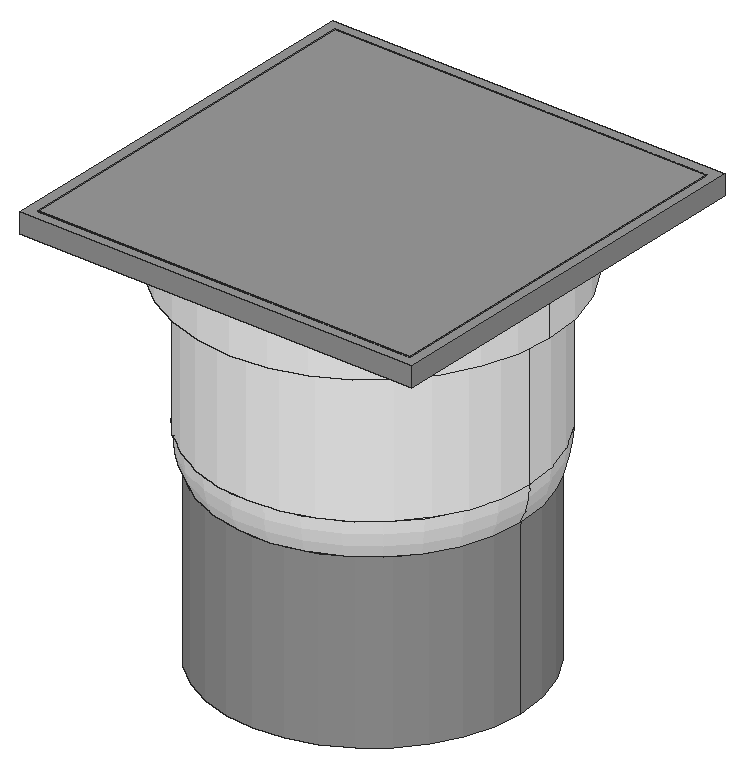
Revit family "HL_Трап для балконов и террас_HL73.0", category Instalační zařizovací předměty, Revit 2016
Family settings
  Typ součásti = Normální
  Kóta kulaté spojky = Použít průměr
  Číslo OmniClass = 23.70.50.21.24.14
  Nadpis OmniClass = Deck Waste Water Drains
  Založené na pracovní rovině = Ne
  Vždy vertikální = Ano
  Ořezat dutým tvarem při načtení = Ne
  Sdílené = Ne
  Bod výpočtu místnosti = Ano
Parameters (values of type "HL_Трап для балконов и террас_HL73.0")
  РЕШЁТКА = "Edelstahl 115 x 115 mm"
  РАЗМЕР = "DN110"
  ПРОПУСКНАЯ СПОСОБНОСТЬ [instance] = 0.0 L/s
  ПРОИЗВОДИТЕЛЬНОСТЬ = "1,1 l/s"
  ПРАВОВАЯ ИНФОРМАЦИЯ = "\"Авторские права(©), права на дизайн или какие либо другие права интелектуальной собственности являются исключительной собственностью компании HL Hutterer & Lechner. Изменению не подлежит. Файл семейства с данными о прозводителе изделия защищен паролем с водяным знаком.\""
  НОМИНАЛЬНЫЙ ДИАМЕТР = 110 mm
  НАСАДКА = "121 x 121 mm"
  МАТЕРИАЛ = "PP / Edelstahl"
  МАКСИМАЛЬНАЯ НАГРУЗКА КЛАССА = "K3 - 300 kg"
  ВЕС = "0,397 kg"
  Výrobce = "HL Hutterer & Lechner GmbH"
  URL = "http://www.hutterer-lechner.com/ru/products/catalog/roof-drains/HL73.0.aspx"
  Материал плитка [instance] = none
  Připojení ventilace = no
  Připojení odpadu = yes
  Připojení HW = no
  Připojení CW = no
  Popis = "Трап для балконов и террас"
  Model = "HL73.0"
  Assembly Code = " "
  Komentáře k typům = "Трап для балконов и террас, универсальный, с вертикальным выпуском DN110 с гибкими \"юбками\" по диаметру, для любых безраструбных труб DN110."
  Keynote = "HL73.0"
  IH [instance] = Высота монтажа 1 + Высота монтажа 2  # 0 mm
  Высота монтажа 2 [instance] = 0 mm
  Высота монтажа 1 [instance] = 0 mm
  G [instance] = 180.00°  # constant formula
  EAN = "9003076034420"
  D [instance] = IH + 28 mm  # 28 mm
  C [instance] = if(IH - 68 mm < 0 mm, 0 mm, IH - 68 mm)  # 0 mm
  B [instance] = 100 mm
  A [instance] = if(B - 100 mm > 15 mm, B - 100 mm, 15 mm)  # 15 mm
Reference planes
  plane 1 "Center (Front/Back)": y = 0
  plane 2: z = 0
  plane 3 "Center (Left/Right)": x = 0
  plane 4: z = -100
  plane 5: z = 0
  plane 6: z = 0
Lines and regions (mm)
  model lines, style "InvisibleLines"
    curve 1: line (0, 0, 0) -> (0, 0, 20)
  model lines, style "PlumbingFixtures", detail levels coarse+medium
    curve 2: line (0, 0, -100) -> (0, 0, -85)
    curve 3: line (0, 0, -85) -> (-85, 0, 0)
    curve 4: line (0, 0, -85) -> (85, 0, 0)
    curve 6: line (0, 0, -100) -> (0, 0, -128)
  reference lines, not visible
    curve 5: line (0, 0, -100) -> (0, 0, -128)
  symbolic lines, style "PlumbingFixtures", detail levels coarse+medium
    curve 7: line (-75, 75, 0) -> (75, 75, 0)
    curve 8: line (-75, -75, 0) -> (-75, 75, 0)
    curve 9: line (75, -75, 0) -> (-75, -75, 0)
    curve 10: line (75, 75, 0) -> (75, -75, 0)
    curve 11: line (-75, 75, 0) -> (-145.711, 145.711, 0)
    curve 12: line (75, 75, 0) -> (145.711, 145.711, 0)
    curve 13: line (-75, -75, 0) -> (-145.711, -145.711, 0)
    curve 14: line (75, -75, 0) -> (145.711, -145.711, 0)
  symbolic lines, style "PlumbingFixtures", not visible, detail levels coarse+medium
    curve 15: line (-75, 75, 0) -> (75, 75, 0)
    curve 16: line (-75, -75, 0) -> (-75, 75, 0)
    curve 17: line (75, -75, 0) -> (-75, -75, 0)
    curve 18: line (75, 75, 0) -> (75, -75, 0)
    curve 19: line (-75, 75, 0) -> (-145.711, 145.711, 0)
    curve 20: line (75, 75, 0) -> (145.711, 145.711, 0)
    curve 21: line (-75, -75, 0) -> (-145.711, -145.711, 0)
    curve 22: line (75, -75, 0) -> (145.711, -145.711, 0)
Text (mm)
  text "FLOOR" at (-162.344, 0, -10.979), in view "вид строительства"
Dimensions and locks
  "B": plane 2 to plane 4
  "IH": plane 2 to plane 5
  "A": curve 4 to plane 4
  "D": curve 5 to curve 5
  "D": curve 6 to curve 6
  "Высота монтажа 1": plane 2 to plane 6
  locked: curve 4 to plane 3 "Center (Left/Right)" (angle 45.00°)
  locked: plane 3 "Center (Left/Right)" to curve 3 (angle 45.00°)
  "G": angle curve 5 to plane 3 "Center (Left/Right)"
  aligned and locked: level to plane 2
  aligned and locked: plane 2 to curve 4
  aligned and locked: plane 2 to curve 3
  aligned and locked: plane 4 to curve 5
  aligned and locked: plane 3 "Center (Left/Right)" to curve 5
  aligned and locked: plane 4 to curve 2
  aligned and locked: plane 3 "Center (Left/Right)" to curve 6
  aligned and locked: plane 4 to curve 6
  aligned and locked: plane 5 to nested 1
  aligned and locked: plane 3 "Center (Left/Right)" to nested 1
Automatic sketch dimensions
  curve 2 to plane 3 "Center (Left/Right)" = 0 mm
  curve 1 to plane 3 "Center (Left/Right)" = 0 mm
  curve 1 to level = 0 mm
  level to curve 1 = 20 mm
Nested families
  nested 1: "HL-Корпус трапа-HL73.0" at (0, 0, 0), Высота монтажа <- "Высота монтажа 1", type "HL-Корпус трапа-HL73.0"
Connectors
  piping at (0, 0, -128), diameter 110, driven by "ПРОПУСКНАЯ СПОСОБНОСТЬ", driven by "НОМИНАЛЬНЫЙ ДИАМЕТР"
    settings: on curve 5, index 1, connector inside diameter 609.6 mm, connector length 0 mm, flow factor 0, pipe flow 0.0 L/s, pressure drop 0.0 Pa, fitting loss kfactor 0, connector angle 0.00°, fixture units 0, engagement length 0 mm, angle of deflection 0.00°, flow configuration 1, flow direction 2, fitting loss method 0, system type 16, joint type 0, gender type 0, connector reference index -1, connector utility 0, adjustable connector yes, is connector primary yes, connector description ""
Definition of nested family "HL-Корпус трапа-HL73.0"
  Parameters (values of type "HL-Корпус трапа-HL73.0")
    РЕШЁТКА = "Edelstahl 115 x 115 mm"
    РАЗМЕР = "DN110"
    ПРОИЗВОДИТЕЛЬНОСТЬ = "1,1 l/s"
    ПРАВОВАЯ ИНФОРМАЦИЯ = "\"Авторские права(©), права на дизайн или какие либо другие права интелектуальной собственности являются исключительной собственностью компании HL Hutterer & Lechner. Изменению не подлежит. Файл семейства с данными о прозводителе изделия защищен паролем с водяным знаком.\""
    НАСАДКА = "121 x 121 mm"
    МАТЕРИАЛ = "PP / Edelstahl"
    МАКСИМАЛЬНАЯ НАГРУЗКА КЛАССА = "K3 - 300 kg"
    ВЕС = "0,397 kg"
    Manufacturer = "HL Hutterer & Lechner GmbH"
    URL = "http://www.hutterer-lechner.com/ru/products/catalog/roof-drains/HL73.0.aspx"
    Description = "Корпус трапа"
    Model = "HL73.0"
    материал3 = none
    Материал = none
    материал2 = none
    Type Comments = "Трап для балконов и террас, универсальный, с вертикальным выпуском DN110 с гибкими \"юбками\" по диаметру, для любых безраструбных труб DN110."
    Keynote = "HL73.0"
    Высота монтажа [instance] = 0 mm
    EAN = "9003076034420"
    Cost = 0
  Reference planes
    plane 1 "Střed (vpředu/vzadu)": y = 0
    plane 2: z = 0
    plane 3 "Střed (vlevo/vpravo)": x = 0
  Forms (mm)
    Revolve 1, solid, material <- "материал2", detail levels fine
      sketch origin (0, 0, 0) x (1, 0, 0) y (0, 0, 1)
        loop
          line (-55, -6) -> (-55, -20.844) -> (-48.583, -21.975) -> (-48.583, -63.747)
          arc (-48.583, -63.747) -> (-47.924, -69.522) -> (-45.979, -75) r 25.618
          line (-45.979, -75) -> (0, -75) -> (0, -71.951) -> (-43.595, -71.951)
          arc (-43.595, -71.951) -> (-45.013, -67.957) -> (-45.494, -63.747) r 18.667
          line (-45.494, -63.747) -> (-45.494, -19.392) -> (-50.999, -18.421) -> (-50.999, -6) -> (-55, -6)
        axis (0, -6) -> (0, -75)
      angle from 0 to 360
    Extrusion 2, solid, material <- "материал3", detail levels fine
      sketch origin (0, 0, 0) x (1, 0, 0) y (0, 1, 0)
        loop
          line (-60.5, 60.5) -> (-60.5, -60.5) -> (60.5, -60.5) -> (60.5, 60.5) -> (-60.5, 60.5)
        loop
          line (-57.5, 57.5) -> (-57.5, -57.5) -> (57.5, -57.5) -> (57.5, 57.5) -> (-57.5, 57.5)
      from 0 to -6
    Extrusion 3, solid, material <- "материал3", detail levels fine
      sketch origin (0, 0, 0) x (1, 0, 0) y (0, 1, 0)
        loop
          line (-57.5, 57.5) -> (-57.5, -57.5) -> (57.5, -57.5) -> (57.5, 57.5) -> (-57.5, 57.5)
      from 0 to -6
    Revolve 4, solid, detail levels fine
      sketch origin (0, 0, 0) x (1, 0, 0) y (0, 0, 1)
        loop
          line (-45.979, -75) -> (-45.979, -128) -> (0, -128) -> (0, -75) -> (-45.979, -75)
        axis (0, -75) -> (0, -128)
      angle from 0 to 360
  Lines and regions (mm)
    model lines, detail levels fine
      curve 1: arc (-29.682, -18.547, 0) -> (-35, 0.034, 0) -> (-29.645, 18.605, 0) r 35
      curve 2: arc (-38.993, -24.365, 0) -> (-45.979, 0.045, 0) -> (-38.945, 24.442, 0) r 45.979
      curve 3: arc (-38.945, 24.442, 0) -> (-31.377, 26.174, 0) -> (-29.645, 18.605, 0) r 5.49
      curve 4: arc (-38.993, -24.365, 0) -> (-31.428, -26.112, 0) -> (-29.682, -18.547, 0) r 5.49
      curve 5: arc (-18.547, -29.682, 0) -> (0.034, -35, 0) -> (18.605, -29.645, 0) r 35
      curve 6: arc (-24.365, -38.993, 0) -> (0.045, -45.979, 0) -> (24.442, -38.945, 0) r 45.979
      curve 7: arc (24.442, -38.945, 0) -> (26.174, -31.377, 0) -> (18.605, -29.645, 0) r 5.49
      curve 8: arc (-24.365, -38.993, 0) -> (-26.112, -31.428, 0) -> (-18.547, -29.682, 0) r 5.49
      curve 9: arc (-18.547, 29.682, 0) -> (0.034, 35, 0) -> (18.605, 29.645, 0) r 35
      curve 10: arc (-24.365, 38.993, 0) -> (0.045, 45.979, 0) -> (24.442, 38.945, 0) r 45.979
      curve 11: arc (24.442, 38.945, 0) -> (26.174, 31.377, 0) -> (18.605, 29.645, 0) r 5.49
      curve 12: arc (-24.365, 38.993, 0) -> (-26.112, 31.428, 0) -> (-18.547, 29.682, 0) r 5.49
      curve 13: arc (29.682, -18.547, 0) -> (35, 0.034, 0) -> (29.645, 18.605, 0) r 35
      curve 14: arc (38.993, -24.365, 0) -> (45.979, 0.045, 0) -> (38.945, 24.442, 0) r 45.979
      curve 15: arc (38.945, 24.442, 0) -> (31.377, 26.174, 0) -> (29.645, 18.605, 0) r 5.49
      curve 16: arc (38.993, -24.365, 0) -> (31.428, -26.112, 0) -> (29.682, -18.547, 0) r 5.49
  Dimensions and locks
    locked: Revolve 1 sketch curve to plane 3 "Střed (vlevo/vpravo)" at 55
    locked: Revolve 1 sketch curve to plane 3 "Střed (vlevo/vpravo)" at 48.499
    locked: plane 2 to Revolve 1 sketch curve at 21.99
    locked: plane 2 to Revolve 1 sketch curve at 75
    equal spacing: Extrusion 2 sketch curve, plane 1 "Střed (vpředu/vzadu)", Extrusion 2 sketch curve
    locked: Extrusion 2 sketch curve to Extrusion 2 sketch curve at 121  (x2)
    equal spacing: Extrusion 2 sketch curve, plane 3 "Střed (vlevo/vpravo)", Extrusion 2 sketch curve
    locked: Extrusion 2 sketch curve to Extrusion 2 sketch curve at 3  (x4)
    locked: plane 2 to Revolve 4 sketch curve at 128
    locked: Revolve 1 to Revolve 4 sketch curve at 53
    aligned and locked: level to plane 2
    aligned and locked: Revolve 1 sketch curve to plane 3 "Střed (vlevo/vpravo)"
    aligned and locked: Extrusion 2 to Revolve 1
    aligned and locked: Extrusion 3 sketch curve to Extrusion 2  (x4)
    aligned and locked: Revolve 4 sketch curve to plane 3 "Střed (vlevo/vpravo)"
    aligned and locked: Revolve 4 sketch curve to Revolve 1
